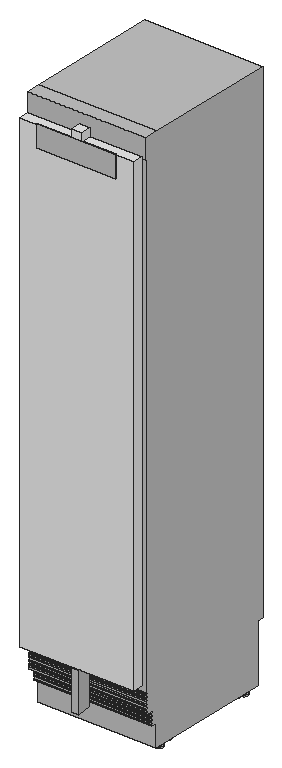
Revit family "FP_Revit_18_RS1884FLJ1_Freezer_90001045A", category Specialty Equipment, Revit 2018
Family settings
  Round Connector Dimension = Use Diameter
  Part Type = Normal
  OmniClass Number = 23.40.40.11.11
  OmniClass Title = Refrigerators and Freezers
  Work Plane-Based = No
  Always vertical = Yes
  Cut with Voids When Loaded = Yes
  Shared = No
  Room Calculation Point = No
Parameters (values of type "RS1884FLJ1")
  Visibility - Water Connection = yes
  Visibility - Visibility Control Note = yes
  Visibility - Clearance Required = yes
  URL = "www.fisherpaykel.com"
  Stainless Steel Door Panels (RD1884L4D) = no
  Product - Width = 451 mm  # constant formula
  Product - Height = 2134 mm  # constant formula
  Product - Depth (exl front panel) = 610 mm  # constant formula
  Model = "RS1884FLJ1"
  Material - Handle = Fisher & Paykel - Aluminium
  Material - Door Structure = Fisher & Paykel - White
  Material - Door Front = Fisher & Paykel - Stainless Steel
  Material - Body = Fisher & Paykel - Grey
  Manufacturer = "Fisher & Paykel Appliances"
  Handle Style - Professional Square (AHV2-RD84) = no
  Handle Style - Professional Round (AHC-RD84) = no
  Handle Style - Contemporary Square (AHD3-RD84) = no
  Handle Style - Contemporary Round (AHS-RD84) = no
  Description = "18\" Integrated Column Freezer with internal ice maker, white interior"
  Connector Description - Water = "1/4\" (6mm) comp. stainless steel braided hose"
  Connector Description - Electrical = "120 V, 10 amp fused electrical supply"
  Cavity - Width = 457 mm  # constant formula
  Cavity - Height = 2134 mm  # constant formula
  Cavity - Depth = 635 mm  # constant formula
Types (3, lengths in mm): name | Model | Description
  (no name) | "RS1884FLJ1" | "18\" Integrated Column Freezer with internal ice maker, white interior"
  RS1884FLJK1 | "RS1884FLJK1" | "18\" Integrated Column Freezer with internal ice maker, stainless steel interior"
  RS1884FLJ1 | "RS1884FLJ1" | "18\" Integrated Column Freezer with internal ice maker, white interior"
Reference planes
  plane 1 "Datum": y = 0
  plane 2: z = 0
  plane 3 "Center (Left/Right)": x = 0
  plane 4 "Product LHS": x = -225.5
  plane 5 "Product RHS": x = 225.5
  plane 6 "Product - Depth": y = 610
  plane 7 "Cavity LHS": x = -228.5
  plane 8 "Cavity RHS": x = 228.5
  plane 9 "Cavity - Depth": y = 612.9
  plane 10 "Handle Offset": x = 162.5
  plane 11 "Product Height": z = 2134
  plane 12 "Cavity Height": z = 2134
  plane 13 "Door Panel Datum": y = -4.1
Forms (mm)
  Extrusion 1, solid, material "Fisher & Paykel - Grey" <- "Material - Body", detail levels fine
    sketch origin (0, 0, 0) x (0, 1, 0) y (0, 0, 1)
      loop
        line (100.1, 19.1) -> (587.9, 19.1) -> (587.9, 239.7) -> (610, 239.7) -> (610, 2131.9) -> (105.1, 2131.9) -> (105.1, 2134) -> (49.9, 2134) -> (49.9, 2059) -> (56, 2059) -> (56, 228.6) -> (59.5, 228.6) -> (59.5, 219.7) -> (56.5, 219.7) -> (56.5, 215.9) -> (59.5, 215.9) -> (59.5, 207) -> (56.5, 207) -> (56.5, 203.2) -> (59.5, 203.2) -> (59.5, 194.3) -> (56.5, 194.3) -> (56.5, 190.5) -> (59.5, 190.5) -> (59.5, 181.6) -> (56.5, 181.6) -> (56.5, 177.8) -> (59.5, 177.8) -> (59.5, 168.9) -> (56.5, 168.9) -> (56.5, 165.1) -> (59.5, 165.1) -> (59.5, 156.2) -> (56.5, 156.2) -> (56.5, 152.4) -> (84.1, 152.4) -> (84.1, 143.5) -> (81.1, 143.5) -> (81.1, 139.7) -> (84.1, 139.7) -> (84.1, 130.8) -> (81.1, 130.8) -> (81.1, 127) -> (84.1, 127) -> (84.1, 118.1) -> (81.1, 118.1) -> (81.1, 114.3) -> (84.1, 114.3) -> (84.1, 105.4) -> (81.1, 105.4) -> (81.1, 101.6) -> (100.1, 101.6) -> (100.1, 19.1)
    from -225.5 to 225.5
  Extrusion 2, solid, material "Fisher & Paykel - Grey" <- "Material - Body"
    sketch origin (0, 0, 0) x (1, 0, 0) y (0, 1, 0)
      loop
        circle (-205, 547.8) r 4.1
      loop
        circle (-205, 141.8) r 4.1
      loop
        circle (205, 547.8) r 4.1
      loop
        circle (205, 141.8) r 4.1
    from 3 to 19.5
  Extrusion 3, solid, material "Fisher & Paykel - Grey" <- "Material - Body"
    sketch origin (0, 0, 0) x (1, 0, 0) y (0, 1, 0)
      loop
        circle (-205, 547.8) r 14.5
      loop
        circle (-205, 141.8) r 14.555
      loop
        circle (205, 547.8) r 14.5
      loop
        circle (205, 141.8) r 14.555
    from 0 to 3
  Extrusion 4, solid, material "Fisher & Paykel - Grey" <- "Material - Body", detail levels fine
    sketch origin (0, 0, 0) x (1, 0, 0) y (0, 1, 0)
      loop
        line (-7.5, 49) -> (-13.797, -4.1) -> (13.797, -4.1) -> (7.5, 49) -> (-7.5, 49)
    from 104.2 to 254.2
  Extrusion 5, solid, material "Fisher & Paykel - Grey" <- "Material - Body", detail levels fine
    sketch origin (0, 0, 0) x (0, 1, 0) y (0, 0, 1)
      loop
        line (0, 2070.6) -> (0, 1988.6) -> (2, 1988.6) -> (2, 2068.6) -> (4, 2068.6) -> (4, 2070.6) -> (0, 2070.6)
    from -150 to 150
  Extrusion 6, solid, material "Fisher & Paykel - Grey" <- "Material - Body"
    sketch origin (0, 0, 0) x (1, 0, 0) y (0, 0, 1)
      loop
        circle (150.5, 119.813) r 5
      loop
        circle (-150.5, 119.813) r 5
    from -590 to -587.9
  Extrusion 7, solid, material "Fisher & Paykel - White" <- "Material - Door Structure"
    sketch origin (0, 0, 0) x (1, 0, 0) y (0, 1, 0)
      loop
        line (-200.5, 56) -> (-200.5, 42) -> (200.5, 42) -> (200.5, 56) -> (-200.5, 56)
    from 269.6 to 2030.7
  Extrusion 8, solid, material "Fisher & Paykel - White" <- "Material - Door Structure"
    sketch origin (0, 0, 0) x (1, 0, 0) y (0, 1, 0)
      loop
        line (-216.9, 42) -> (-216.9, 3) -> (216.9, 3) -> (216.9, 42) -> (-216.9, 42)
    from 254.2 to 2068.6
  Extrusion 9, solid, material "Fisher & Paykel - White" <- "Material - Door Structure", detail levels fine
    sketch origin (0, 0, 0) x (1, 0, 0) y (0, 0, 1)
      loop
        line (-18.92, 2100.1) -> (-18.92, 2068.6) -> (18.92, 2068.6) -> (18.92, 2100.1) -> (-18.92, 2100.1)
    from -42 to -3
  Extrusion 10, solid, material "Fisher & Paykel - Stainless Steel" <- "Material - Door Front", visible <- "Stainless Steel Door Panels (RD1884L4D)"
    sketch origin (0, 0, 0) x (0, 1, 0) y (0, 0, 1)
      loop
        line (-22.1, 2130.8) -> (-22.1, 102) -> (-4.1, 102) -> (-4.1, 2130.8) -> (-22.1, 2130.8)
    from -225.5 to 225.5
  Extrusion 11, solid, material "Fisher & Paykel - Grey" <- "Material - Body", detail levels coarse+medium
    sketch origin (0, 0, 0) x (0, 1, 0) y (0, 0, 1)
      loop
        line (49.9, 2134) -> (49.9, 2059) -> (56, 2059) -> (56, 152.4) -> (81.1, 152.4) -> (81.1, 101.6) -> (100.1, 101.6) -> (100.1, 19.1) -> (587.9, 19.1) -> (587.9, 239.7) -> (610, 239.7) -> (610, 2134) -> (49.9, 2134)
    from -225.5 to 225.5
  Extrusion 12, solid, material "Fisher & Paykel - Grey" <- "Material - Body", not visible, detail levels fine
    sketch origin (0, 0, 0) x (-1, 0, 0) y (0, 0, -1)
      loop
        line (213.9, -187.65) -> (18.92, -187.65) -> (18.92, -229.75) -> (213.9, -229.75) -> (213.9, -187.65)
    from -56 to -2.5
  Extrusion 13, solid, material "Fisher & Paykel - Grey" <- "Material - Body", not visible, detail levels fine
    sketch origin (0, 0, 0) x (-1, 0, 0) y (0, 0, -1)
      loop
        line (213.9, -2123.15) -> (213.9, -2081.05) -> (18.92, -2081.05) -> (18.92, -2123.15) -> (213.9, -2123.15)
    from -49 to -2.5
  Extrusion 14, solid, material "Fisher & Paykel - Grey" <- "Material - Body", detail levels fine
    sketch origin (0, 0, -4) x (0, 1, 0) y (0, 0, 1)
      loop
        arc (163.888, 23.1) -> (180.4, 13.63) -> (196.912, 23.1) r 19.13
        line (196.912, 23.1) -> (163.888, 23.1)
      loop
        arc (493.888, 23.1) -> (510.4, 13.63) -> (526.912, 23.1) r 19.13
        line (526.912, 23.1) -> (493.888, 23.1)
    from 191 to 219
  Extrusion 15, solid, material "Fisher & Paykel - Grey" <- "Material - Body", detail levels fine
    sketch origin (0, 0, -4) x (0, 1, 0) y (0, 0, -1)
      loop
        line (163.888, -23.1) -> (196.912, -23.1)
        arc (196.912, -23.1) -> (180.4, -13.63) -> (163.888, -23.1) r 19.13
      loop
        line (493.888, -23.1) -> (526.912, -23.1)
        arc (526.912, -23.1) -> (510.4, -13.63) -> (493.888, -23.1) r 19.13
    from 191 to 219
  Extrusion 16, solid, material "Fisher & Paykel - Clearance Required", visible <- "Visibility - Clearance Required", detail levels coarse
    sketch origin (0, 0, 0) x (1, 0, 0) y (0, 1, 0)
      loop
        line (-228.5, 612.9) -> (-228.5, -4.1) -> (228.5, -4.1) -> (228.5, 612.9) -> (-228.5, 612.9)
    from 0 to 2134
  Extrusion 17, void
    sketch origin (0, 0, 0) x (1, 0, 0) y (0, 1, 0)
      loop
        line (-228.5, 612.9) -> (-228.5, -22.1) -> (228.5, -22.1) -> (228.5, 612.9) -> (-228.5, 612.9)
    from 0 to 2134
  Extrusion 18, solid, material "Fisher & Paykel - Clearance Required", visible <- "Visibility - Clearance Required", detail levels coarse
    sketch origin (0, 0, 0) x (-1, 0, 0) y (0, -1, 0)
      loop
        arc (225.5, 22.1) -> (228.203, 56.776) -> (262.718, 61.068) r 27.5
        line (262.718, 61.068) -> (415.635, 388.999) -> (441.854, 376.772)
        arc (441.854, 376.772) -> (467.405, 384.437) -> (458.764, 409.674) r 18.51
        line (458.764, 409.674) -> (431.257, 422.501) -> (453.319, 469.813)
        arc (453.319, 469.813) -> (-5.304, 426.707) -> (-225.5, 22.1) r 490
        line (-225.5, 22.1) -> (225.5, 22.1)
    from 0 to 2134
  Extrusion 19, solid, material "Fisher & Paykel - Grey" <- "Material - Body", not visible, detail levels fine
    sketch origin (0, 0, 0) x (-1, 0, 0) y (0, 0, -1)
      loop
        line (41.9, -254.2) -> (206.9, -254.2) -> (206.9, -229.75) -> (41.9, -229.75) -> (41.9, -254.2)
      loop
        line (29.5, -2081.05) -> (166.9, -2081.05) -> (206.9, -2076.05) -> (206.9, -2068.6) -> (29.5, -2068.6) -> (29.5, -2081.05)
    from -7 to -4
Lines and regions (mm)
  model lines, style "Fisher & Paykel"
    curve 1: line (-225.5, -4.1, 2130.8) -> (225.5, -4.1, 2130.8)
    curve 2: line (-225.5, -4.1, 102) -> (-225.5, -4.1, 2130.8)
    curve 3: line (225.5, -4.1, 102) -> (-225.5, -4.1, 102)
    curve 4: line (225.5, -4.1, 2130.8) -> (225.5, -4.1, 102)
Text (mm)
  text "Due to ongoing product development, product details are subject to change without notice. \nPlease always refer to www.fisherpaykel.com for the most current product information. \n© Fisher & Paykel 2020" at (41.04, -588.295, 0), in view "Ref. Level (Plan)"
Dimensions and locks
  equal spacing: plane 4 "Product LHS", plane 3 "Center (Left/Right)", plane 5 "Product RHS"
  "Product - Width": plane 4 "Product LHS" to plane 5 "Product RHS"
  "Product - Depth (exl front panel)": plane 1 "Datum" to plane 6 "Product - Depth"
  equal spacing: plane 7 "Cavity LHS", plane 3 "Center (Left/Right)", plane 8 "Cavity RHS"
  "Cavity - Width": plane 7 "Cavity LHS" to plane 8 "Cavity RHS"
  plane 4 "Product LHS" to Extrusion 2 sketch curve = 24.6 mm
  Extrusion 6 sketch curve to Extrusion 1 = 119.887 mm  (x2)
  Extrusion 6 sketch curve to plane 5 "Product RHS" = 75 mm
  plane 4 "Product LHS" to Extrusion 6 sketch curve = 75 mm
  Extrusion 1 sketch curve to Extrusion 1 sketch curve = 82.5 mm
  Extrusion 1 sketch curve to Extrusion 1 sketch curve = 209.5 mm
  Extrusion 1 sketch curve to Extrusion 1 sketch curve = 220.6 mm
  Extrusion 3 to level = 3 mm
  Extrusion 11 to Extrusion 8 = 235.1 mm
  Extrusion 11 to Extrusion 7 = 250.5 mm
  Extrusion 11 to Extrusion 11 = 2114.9 mm
  "Product - Height": level to plane 11 "Product Height"
  plane 11 "Product Height" to Extrusion 10 = 3.2 mm
  Extrusion 8 to plane 11 "Product Height" = 65.4 mm
  Extrusion 7 to plane 11 "Product Height" = 103.3 mm
  Extrusion 11 sketch curve to plane 11 "Product Height" = 75 mm
  Extrusion 1 sketch curve to plane 11 "Product Height" = 2.1 mm
  Extrusion 1 sketch curve to plane 11 "Product Height" = 75 mm
  "Cavity - Height": plane 12 "Cavity Height" to level
  plane 1 "Datum" to Extrusion 16 = 612.9 mm
  plane 1 "Datum" to Extrusion 17 = 612.9 mm
  plane 4 "Product LHS" to plane 10 "Handle Offset" = 388 mm
  plane 4 "Product LHS" to Extrusion 19 sketch curve = 18.6 mm
  Extrusion 19 sketch curve to plane 4 "Product LHS" = 196 mm
  plane 4 "Product LHS" to Extrusion 19 sketch curve = 58.6 mm
  plane 1 "Datum" to Extrusion 18 = 22.1 mm
  "Cavity - Depth": plane 9 "Cavity - Depth" to Extrusion 18
  plane 10 "Handle Offset" to plane 5 "Product RHS" = 63 mm
  radius of Extrusion 6 sketch curve = 5 mm
  aligned and locked: level to plane 2
  aligned and locked: Extrusion 10 to plane 5 "Product RHS"
  aligned and locked: plane 4 "Product LHS" to Extrusion 10
  aligned and locked: Extrusion 11 to plane 5 "Product RHS"
  aligned and locked: Extrusion 11 to plane 4 "Product LHS"
  aligned and locked: Extrusion 11 sketch curve to plane 11 "Product Height"
  aligned and locked: plane 11 "Product Height" to Extrusion 1 sketch curve
  aligned and locked: Extrusion 14 sketch curve to Extrusion 14 sketch curve
  aligned and locked: Extrusion 15 sketch curve to Extrusion 15 sketch curve
  aligned and locked: Extrusion 1 to plane 5 "Product RHS"
  aligned and locked: plane 4 "Product LHS" to Extrusion 1
  aligned and locked: Extrusion 11 sketch curve to Extrusion 1  (x4)
  aligned and locked: nested 5 to plane 10 "Handle Offset"
  aligned and locked: nested 4 to plane 10 "Handle Offset"
  aligned and locked: nested 3 to plane 10 "Handle Offset"
  aligned and locked: nested 2 to plane 10 "Handle Offset"
Automatic sketch dimensions
  Extrusion 1 sketch curve to plane 6 "Product - Depth" = 0 mm
  Extrusion 1 sketch curve to Extrusion 1 sketch curve = 22.1 mm
  Extrusion 1 sketch curve to plane 1 "Datum" = 105.1 mm
  level to Extrusion 1 sketch curve = 19.1 mm
  Extrusion 1 sketch curve to plane 1 "Datum" = 100.1 mm
  Extrusion 1 sketch curve to Extrusion 1 sketch curve = 16 mm
  Extrusion 1 sketch curve to Extrusion 1 sketch curve = 0 mm  (x8)
  Extrusion 1 sketch curve to Extrusion 1 sketch curve = 3 mm  (x10)
  Extrusion 1 sketch curve to plane 1 "Datum" = 59.5 mm
  Extrusion 1 sketch curve to plane 1 "Datum" = 56 mm
  Extrusion 1 sketch curve to plane 1 "Datum" = 49.9 mm
  Extrusion 1 sketch curve to Extrusion 1 sketch curve = 3.8 mm  (x10)
  Extrusion 1 sketch curve to Extrusion 1 sketch curve = 8.9 mm  (x9)
  Extrusion 2 sketch curve to plane 4 "Product LHS" = 20.5 mm  (x2)
  plane 5 "Product RHS" to Extrusion 2 sketch curve = 20.5 mm  (x2)
  Extrusion 2 sketch curve to plane 1 "Datum" = 141.8 mm  (x2)
  Extrusion 2 sketch curve to plane 6 "Product - Depth" = 62.2 mm  (x2)
  Extrusion 3 sketch curve to plane 4 "Product LHS" = 20.5 mm  (x2)
  plane 5 "Product RHS" to Extrusion 3 sketch curve = 20.5 mm  (x2)
  Extrusion 3 sketch curve to plane 1 "Datum" = 141.8 mm  (x2)
  Extrusion 3 sketch curve to plane 6 "Product - Depth" = 62.2 mm  (x2)
  plane 1 "Datum" to Extrusion 4 sketch curve = 4.1 mm
  Extrusion 4 sketch curve to plane 3 "Center (Left/Right)" = 13.797 mm
  Extrusion 4 sketch curve to plane 3 "Center (Left/Right)" = 7.5 mm
  plane 3 "Center (Left/Right)" to Extrusion 4 sketch curve = 7.5 mm
  plane 3 "Center (Left/Right)" to Extrusion 4 sketch curve = 13.797 mm
  Extrusion 4 sketch curve to plane 1 "Datum" = 49 mm
  Extrusion 5 sketch curve to plane 1 "Datum" = 0 mm
  Extrusion 5 sketch curve to plane 1 "Datum" = 2 mm
  Extrusion 5 sketch curve to Extrusion 5 sketch curve = 2 mm  (x2)
  plane 11 "Product Height" to Extrusion 5 sketch curve = 145.4 mm
  plane 11 "Product Height" to Extrusion 5 sketch curve = 65.4 mm
  Extrusion 7 sketch curve to plane 4 "Product LHS" = 25 mm
  plane 5 "Product RHS" to Extrusion 7 sketch curve = 25 mm
  Extrusion 7 sketch curve to plane 1 "Datum" = 42 mm
  Extrusion 7 sketch curve to Extrusion 7 sketch curve = 14 mm
  Extrusion 8 sketch curve to plane 1 "Datum" = 3 mm
  Extrusion 8 sketch curve to plane 4 "Product LHS" = 8.6 mm
  plane 5 "Product RHS" to Extrusion 8 sketch curve = 8.6 mm
  Extrusion 8 sketch curve to Extrusion 8 sketch curve = 39 mm
  Extrusion 9 sketch curve to plane 3 "Center (Left/Right)" = 18.92 mm
  plane 3 "Center (Left/Right)" to Extrusion 9 sketch curve = 18.92 mm
  plane 11 "Product Height" to Extrusion 9 sketch curve = 65.4 mm
  Extrusion 9 sketch curve to Extrusion 9 sketch curve = 31.5 mm
  plane 1 "Datum" to Extrusion 10 sketch curve = 22.1 mm
  plane 1 "Datum" to Extrusion 10 sketch curve = 4.1 mm
  level to Extrusion 10 sketch curve = 102 mm
  plane 11 "Product Height" to Extrusion 10 sketch curve = 3.2 mm
  Extrusion 11 sketch curve to plane 6 "Product - Depth" = 0 mm
  Extrusion 11 sketch curve to plane 6 "Product - Depth" = 22.1 mm
  Extrusion 11 sketch curve to plane 1 "Datum" = 100.1 mm
  Extrusion 11 sketch curve to Extrusion 11 sketch curve = 19 mm
  Extrusion 11 sketch curve to plane 1 "Datum" = 56 mm
  Extrusion 11 sketch curve to plane 1 "Datum" = 49.9 mm
  plane 3 "Center (Left/Right)" to Extrusion 12 sketch curve = 18.92 mm
  plane 4 "Product LHS" to Extrusion 12 sketch curve = 11.6 mm
  Extrusion 12 sketch curve to level = 187.65 mm
  Extrusion 12 sketch curve to Extrusion 12 sketch curve = 42.1 mm
  plane 3 "Center (Left/Right)" to Extrusion 13 sketch curve = 18.92 mm
  plane 4 "Product LHS" to Extrusion 13 sketch curve = 11.6 mm
  Extrusion 13 sketch curve to plane 11 "Product Height" = 52.95 mm
  Extrusion 13 sketch curve to plane 11 "Product Height" = 10.85 mm
  level to Extrusion 14 sketch curve = 19.1 mm
  Extrusion 14 sketch curve to plane 1 "Datum" = 163.888 mm
  Extrusion 14 sketch curve to Extrusion 14 sketch curve = 16.512 mm  (x2)
  Extrusion 14 sketch curve to plane 6 "Product - Depth" = 116.112 mm
  Extrusion 14 sketch curve to Extrusion 14 sketch curve = 9.66 mm  (x2)
  level to Extrusion 15 sketch curve = 19.1 mm
  Extrusion 15 sketch curve to plane 1 "Datum" = 163.888 mm
  Extrusion 15 sketch curve to Extrusion 15 sketch curve = 16.512 mm  (x2)
  Extrusion 15 sketch curve to plane 6 "Product - Depth" = 116.112 mm
  Extrusion 15 sketch curve to Extrusion 15 sketch curve = 9.66 mm  (x2)
  Extrusion 16 sketch curve to plane 7 "Cavity LHS" = 0 mm
  Extrusion 16 sketch curve to plane 8 "Cavity RHS" = 0 mm
  Extrusion 16 sketch curve to plane 9 "Cavity - Depth" = 0 mm
  plane 1 "Datum" to Extrusion 16 sketch curve = 4.1 mm
  Extrusion 17 sketch curve to plane 7 "Cavity LHS" = 0 mm
  Extrusion 17 sketch curve to plane 8 "Cavity RHS" = 0 mm
  plane 9 "Cavity - Depth" to Extrusion 17 sketch curve = 0 mm
  plane 1 "Datum" to Extrusion 17 sketch curve = 22.1 mm
  Extrusion 18 sketch curve to plane 5 "Product RHS" = 0 mm
  plane 4 "Product LHS" to Extrusion 18 sketch curve = 0 mm
  Extrusion 18 sketch curve to plane 7 "Cavity LHS" = 19.59 mm
  Extrusion 18 sketch curve to Extrusion 18 sketch curve = 14.629 mm
  Extrusion 18 sketch curve to plane 1 "Datum" = 17.663 mm
  Extrusion 18 sketch curve to Extrusion 18 sketch curve = 16.39 mm
  Extrusion 18 sketch curve to plane 7 "Cavity LHS" = 187.135 mm
  Extrusion 18 sketch curve to Extrusion 18 sketch curve = 15.622 mm
  Extrusion 18 sketch curve to Extrusion 18 sketch curve = 26.219 mm
  Extrusion 18 sketch curve to Extrusion 18 sketch curve = 9.088 mm
  Extrusion 18 sketch curve to Extrusion 18 sketch curve = 22.062 mm
  Extrusion 18 sketch curve to Extrusion 18 sketch curve = 7.823 mm
  Extrusion 18 sketch curve to plane 1 "Datum" = 22.1 mm
  Extrusion 18 sketch curve to Extrusion 18 sketch curve = 20.12 mm
  Extrusion 18 sketch curve to Extrusion 18 sketch curve = 93.041 mm
  Extrusion 18 sketch curve to Extrusion 18 sketch curve = 16.126 mm
  plane 3 "Center (Left/Right)" to Extrusion 19 sketch curve = 41.9 mm
  plane 4 "Product LHS" to Extrusion 19 sketch curve = 18.6 mm
  Extrusion 19 sketch curve to level = 229.75 mm
  Extrusion 19 sketch curve to Extrusion 19 sketch curve = 24.45 mm
  Extrusion 19 sketch curve to plane 11 "Product Height" = 65.4 mm
  Extrusion 19 sketch curve to Extrusion 19 sketch curve = 7.45 mm
  Extrusion 19 sketch curve to Extrusion 19 sketch curve = 5 mm
  plane 5 "Product RHS" to curve 1 = 0 mm
  plane 4 "Product LHS" to curve 3 = 0 mm
  level to curve 3 = 102 mm
  plane 11 "Product Height" to curve 2 = 3.2 mm
  radius of Extrusion 2 sketch curve = 4.1 mm  (x3)
  radius of Extrusion 3 sketch curve = 14.5 mm  (x2)
  radius of Extrusion 3 sketch curve = 14.555 mm  (x2)
  radius of Extrusion 6 sketch curve = 5 mm
Nested families
  nested 1: "Visibility Control Note 18" at (0, 0, 0), visible <- "Visibility - Visibility Control Note", type "Visibility Control Note 18"
  nested 2: "Handle Contemporary Round - Vertical" at (162.5, -22.1, 1242.58), visible <- "Handle Style - Contemporary Round (AHS-RD84)", type "AHS-RD84 - Contemporary round handle (Vertical) 852mm"
  nested 3: "Handle Professional Round - Vertical" at (162.5, -22.1, 1242.58), visible <- "Handle Style - Professional Round (AHC-RD84)", type "AHC-RD84 - Professional round handle (Vertical) 786mm"
  nested 4: "Handle Professional Square - Vertical" at (162.5, -22.1, 1242.58), visible <- "Handle Style - Professional Square (AHV2-RD84)", type "AHV2-RD84 - Professional square handle (Vertical) 792mm"
  nested 5: "Handle Contemporary Square - Vertical" at (162.5, -22.1, 1242.58), visible <- "Handle Style - Contemporary Square (AHD3-RD84)", type "AHD3-RD84 - Contemporary square handle (Vertical) 852mm"
Connectors
  electrical at (-150.5, 590, 119.813), driven by "Connector Description - Electrical"
    settings: on Extrusion 6, index 1, voltage 120 V, apparent load 0 VA, apparent load phase1 0 VA, apparent load phase2 0 VA, apparent load phase3 0 VA, power factor 1, load classification "Other", number of poles 1, system type 30, power factor state 1, is connector primary yes, connector utility no, sub classification motor no, connector description "120 V, 10 amp fused electrical supply"
  piping at (150.5, 590, 119.813), diameter 12.7, driven by "Connector Description - Water", driven by "Visibility - Water Connection"
    settings: on Extrusion 6, index 2, connector inside diameter 609.6 mm, connector length 0 mm, flow factor 0, pipe flow 0.0 L/s, pressure drop 0.0 Pa, fitting loss kfactor 0, connector angle 0.00°, fixture units 0, engagement length 0 mm, angle of deflection 0.00°, flow configuration 0, flow direction 1, fitting loss method 0, system type 20, joint type 0, gender type 0, connector reference index -1, connector utility 1, adjustable connector no, is connector primary yes, connector description "1/4\" (6mm) comp. stainless steel braided hose"
Definition of nested family "Handle Contemporary Round - Vertical"
  Parameters (values of type "AHSRS80A - Contemporary round handle (1 of 2) (Vertical) 727mm")
    URL = "www.fisherpaykel.com"
    Material - Handle = none
    Manufacturer = "Fisher & Paykel Appliances"
    Handle - Length = 727 mm
  Types (6, lengths in mm): name | Handle - Length
    AHS-RD21 - Contemporary round handle (Vertical) 852mm | 852
    AHSRD2484W - Contemporary round handle (1 of 2) (Vertical) 727mm | 727
    AHSRD3084W - Contemporary round handle (1 of 2) (Vertical) 727mm | 727
    AHS-RD84 - Contemporary round handle (Vertical) 852mm | 852
    AHSRS3272A - Contemporary round handle (1 of 2) (Vertical) 727mm | 727
    AHSRS80A - Contemporary round handle (1 of 2) (Vertical) 727mm | 727
  Reference planes
    plane 1 "Center (Front/Back)": y = 0
    plane 2: z = 0
    plane 3 "Center (Left/Right)": x = 0
    plane 4 "Top": z = 363.5
    plane 5 "Bottom": z = -363.5
    plane 6 "Top Standoff": z = 243.5
    plane 7 "Bottom Standoff": z = -243.5
  Forms (mm)
    Extrusion 1, solid, material <- "Material - Handle"
      sketch origin (0, 0, 0) x (1, 0, 0) y (0, 1, 0)
        loop
          circle (0, -32.3) r 8.7
      from -243.5 to 243.5
    Extrusion 2, solid, material <- "Material - Handle", detail levels fine
      sketch origin (0, 0, 0) x (1, 0, 0) y (0, 1, 0)
        loop
          line (-8.7, 0) -> (-8.7, -32.3)
          arc (-8.7, -32.3) -> (0, -41) -> (8.7, -32.3) r 8.7
          line (8.7, -32.3) -> (8.7, 0) -> (-8.7, 0)
      from 243.5 to 363.5
    Extrusion 3, solid, material <- "Material - Handle", detail levels fine
      sketch origin (0, 0, 0) x (1, 0, 0) y (0, 1, 0)
        loop
          line (-8.7, 0) -> (-8.7, -32.3)
          arc (-8.7, -32.3) -> (0, -41) -> (8.7, -32.3) r 8.7
          line (8.7, -32.3) -> (8.7, 0) -> (-8.7, 0)
      from -363.5 to -243.5
    Sweep 4, void
      path in 3D
        loop
          line (8.7, 0, -363.5) -> (8.7, -32.3, -363.5)
          arc (8.7, -32.3, -363.5) -> (0, -41, -363.5) -> (-8.7, -32.3, -363.5) r 8.7
          line (-8.7, -32.3, -363.5) -> (-8.7, 0, -363.5)
      profile origin (8.7, -16.15, -363.5) x (-1, 0, 0) y (0, 0, -1)
        loop
          line (0, 0) -> (0, -1) -> (1, 0) -> (0, 0)
    Sweep 5, void
      path in 3D
        loop
          line (-8.7, 0, 363.5) -> (-8.7, -32.3, 363.5)
          arc (-8.7, -32.3, 363.5) -> (0, -41, 363.5) -> (8.7, -32.3, 363.5) r 8.7
          line (8.7, -32.3, 363.5) -> (8.7, 0, 363.5)
      profile origin (8.7, -16.15, 363.5) x (-1, 0, 0) y (0, 0, 1)
        loop
          line (0, 0) -> (0, -1) -> (1, 0) -> (0, 0)
    Extrusion 6, solid, material <- "Material - Handle", detail levels coarse+medium
      sketch origin (0, 0, 0) x (1, 0, 0) y (0, 1, 0)
        loop
          line (-8.7, 0) -> (-8.7, -32.3)
          arc (-8.7, -32.3) -> (0, -41) -> (8.7, -32.3) r 8.7
          line (8.7, -32.3) -> (8.7, 0) -> (-8.7, 0)
      from 243.5 to 363.5
    Extrusion 7, solid, material <- "Material - Handle", detail levels coarse+medium
      sketch origin (0, 0, 0) x (1, 0, 0) y (0, 1, 0)
        loop
          line (-8.7, 0) -> (-8.7, -32.3)
          arc (-8.7, -32.3) -> (0, -41) -> (8.7, -32.3) r 8.7
          line (8.7, -32.3) -> (8.7, 0) -> (-8.7, 0)
      from -363.5 to -243.5
  Cuts and joins
    Sweep 4 cuts Extrusion 3
    Sweep 5 cuts Extrusion 2
  Lines and regions (mm)
    sketch lines
      curve 1: line (8.7, 0, -363.5) -> (8.7, -32.3, -363.5)
      curve 2: arc (-8.7, -32.3, -363.5) -> (0, -41, -363.5) -> (8.7, -32.3, -363.5) r 8.7
      curve 3: line (-8.7, -32.3, -363.5) -> (-8.7, 0, -363.5)
      curve 4: line (8.7, -32.3, 363.5) -> (8.7, 0, 363.5)
      curve 5: arc (8.7, -32.3, 363.5) -> (0, -41, 363.5) -> (-8.7, -32.3, 363.5) r 8.7
      curve 6: line (-8.7, 0, 363.5) -> (-8.7, -32.3, 363.5)
  Dimensions and locks
    equal spacing: plane 4 "Top", level, plane 5 "Bottom"
    "Handle - Length": plane 4 "Top" to plane 5 "Bottom"
    locked: plane 4 "Top" to plane 6 "Top Standoff" at 120
    locked: plane 7 "Bottom Standoff" to plane 5 "Bottom" at 120
    Extrusion 2 sketch curve to Extrusion 2 sketch curve = 17.4 mm
    Extrusion 3 sketch curve to Extrusion 3 sketch curve = 17.4 mm
    Extrusion 6 sketch curve to Extrusion 6 sketch curve = 17.4 mm
    Extrusion 7 sketch curve to Extrusion 7 sketch curve = 17.4 mm
    aligned and locked: level to plane 2
    aligned and locked: plane 4 "Top" to Extrusion 2
    aligned and locked: Extrusion 3 to plane 5 "Bottom"
    aligned and locked: plane 7 "Bottom Standoff" to Extrusion 3
    aligned and locked: Extrusion 1 to plane 7 "Bottom Standoff"
    aligned and locked: plane 6 "Top Standoff" to Extrusion 1
    aligned and locked: Extrusion 2 to Extrusion 1
    aligned and locked: Extrusion 6 to Extrusion 1
    aligned and locked: plane 4 "Top" to Extrusion 6
    aligned and locked: Extrusion 7 to Extrusion 1
    aligned and locked: Extrusion 7 to plane 5 "Bottom"
  Automatic sketch dimensions
    Extrusion 1 sketch curve to plane 3 "Center (Left/Right)" = 0 mm
    plane 1 "Center (Front/Back)" to Extrusion 1 sketch curve = 32.3 mm
    plane 1 "Center (Front/Back)" to Extrusion 2 sketch curve = 0 mm
    Extrusion 2 sketch curve to plane 3 "Center (Left/Right)" = 0 mm
    Extrusion 2 sketch curve to plane 3 "Center (Left/Right)" = 8.7 mm
    plane 1 "Center (Front/Back)" to Extrusion 2 sketch curve = 32.3 mm
    plane 1 "Center (Front/Back)" to Extrusion 3 sketch curve = 0 mm
    Extrusion 3 sketch curve to plane 3 "Center (Left/Right)" = 0 mm
    Extrusion 3 sketch curve to plane 3 "Center (Left/Right)" = 8.7 mm
    plane 1 "Center (Front/Back)" to Extrusion 3 sketch curve = 32.3 mm
    Sweep 4 sketch curve to profile plane = 0 mm  (x2)
    Sweep 4 sketch curve to profile plane = 1 mm  (x2)
    Sweep 5 sketch curve to profile plane = 0 mm  (x2)
    Sweep 5 sketch curve to profile plane = 1 mm  (x2)
    Extrusion 6 sketch curve to plane 3 "Center (Left/Right)" = 0 mm
    Extrusion 6 sketch curve to plane 3 "Center (Left/Right)" = 8.7 mm
    plane 1 "Center (Front/Back)" to Extrusion 6 sketch curve = 32.3 mm
    Extrusion 6 sketch curve to Extrusion 6 sketch curve = 32.3 mm
    Extrusion 7 sketch curve to plane 3 "Center (Left/Right)" = 0 mm
    Extrusion 7 sketch curve to plane 3 "Center (Left/Right)" = 8.7 mm
    plane 1 "Center (Front/Back)" to Extrusion 7 sketch curve = 32.3 mm
    Extrusion 7 sketch curve to Extrusion 7 sketch curve = 32.3 mm
    radius of Extrusion 1 sketch curve = 8.7 mm
Definition of nested family "Handle Professional Round - Vertical"
  Parameters (values of type "AHCRD2484W - Professional round handle (1 of 2) (Vertical) 661mm")
    URL = "www.fisherpaykel.com"
    Material - Standoff = none
    Material - Handle = none
    Manufacturer = "Fisher & Paykel Appliances"
    Handle - Length = 661 mm
  Types (5, lengths in mm): name | Handle - Length
    (no name) | 661
    AHCRD2484W - Professional round handle (1 of 2) (Vertical) 661mm | 661
    AHCRD3084W - Professional round handle (1 of 2) (Vertical) 661mm | 661
    AHC-RD84 - Professional round handle (Vertical) 786mm | 786
    AHCRS3272A - Professional round handle (1 of 2) (Vertical) 661mm | 661
  Reference planes
    plane 1 "Center (Front/Back)": y = 0
    plane 2: z = 0
    plane 3 "Center (Left/Right)": x = 0
    plane 4 "Top": z = 330.5
    plane 5 "Bottom": z = -330.5
    plane 6 "Top Standoff": z = 286.5
    plane 7 "Bottom Standoff": z = -286.5
  Forms (mm)
    Extrusion 1, solid, material <- "Material - Standoff", detail levels fine
      sketch origin (0, 0, 0) x (1, 0, 0) y (0, 1, 0)
        loop
          line (-18.5, 0) -> (-18.5, -39.4)
          arc (-18.5, -39.4) -> (0, -57.9) -> (18.5, -39.4) r 18.5
          line (18.5, -39.4) -> (18.5, 0) -> (-18.5, 0)
      from 286.5 to 330.5
    Extrusion 2, solid, material <- "Material - Standoff", detail levels fine
      sketch origin (0, 0, 0) x (1, 0, 0) y (0, 1, 0)
        loop
          line (-18.5, 0) -> (-18.5, -39.4)
          arc (-18.5, -39.4) -> (0, -57.9) -> (18.5, -39.4) r 18.5
          line (18.5, -39.4) -> (18.5, 0) -> (-18.5, 0)
      from -330.5 to -286.5
    Extrusion 3, solid, material <- "Material - Handle"
      sketch origin (0, 0, 0) x (1, 0, 0) y (0, 1, 0)
        loop
          circle (0, -39.4) r 12.7
      from -286.5 to 286.5
    Sweep 4, void
      path in 3D
        loop
          line (-18.5, 0, 330.5) -> (-18.5, -39.4, 330.5)
          arc (-18.5, -39.4, 330.5) -> (0, -57.9, 330.5) -> (18.5, -39.4, 330.5) r 18.5
          line (18.5, -39.4, 330.5) -> (18.5, 0, 330.5)
      profile origin (18.5, -19.7, 330.5) x (-1, 0, 0) y (0, 0, 1)
        loop
          line (0, 0) -> (0, -3) -> (3, 0) -> (0, 0)
    Sweep 5, void
      path in 3D
        loop
          line (18.5, 0, -330.5) -> (18.5, -39.4, -330.5)
          arc (18.5, -39.4, -330.5) -> (0, -57.9, -330.5) -> (-18.5, -39.4, -330.5) r 18.5
          line (-18.5, -39.4, -330.5) -> (-18.5, 0, -330.5)
      profile origin (18.5, -19.7, -330.5) x (-1, 0, 0) y (0, 0, -1)
        loop
          line (0, 0) -> (0, -3) -> (3, 0) -> (0, 0)
    Extrusion 6, solid, material <- "Material - Standoff", detail levels coarse+medium
      sketch origin (0, 0, 0) x (1, 0, 0) y (0, 1, 0)
        loop
          line (-18.5, 0) -> (-18.5, -39.4)
          arc (-18.5, -39.4) -> (0, -57.9) -> (18.5, -39.4) r 18.5
          line (18.5, -39.4) -> (18.5, 0) -> (-18.5, 0)
      from 286.5 to 330.5
    Extrusion 7, solid, material <- "Material - Standoff", detail levels coarse+medium
      sketch origin (0, 0, 0) x (1, 0, 0) y (0, 1, 0)
        loop
          line (-18.5, 0) -> (-18.5, -39.4)
          arc (-18.5, -39.4) -> (0, -57.9) -> (18.5, -39.4) r 18.5
          line (18.5, -39.4) -> (18.5, 0) -> (-18.5, 0)
      from -330.5 to -286.5
  Cuts and joins
    Sweep 4 cuts Extrusion 1
    Sweep 5 cuts Extrusion 2
  Lines and regions (mm)
    sketch lines
      curve 1: line (18.5, -39.4, 330.5) -> (18.5, 0, 330.5)
      curve 2: arc (18.5, -39.4, 330.5) -> (0, -57.9, 330.5) -> (-18.5, -39.4, 330.5) r 18.5
      curve 3: line (-18.5, 0, 330.5) -> (-18.5, -39.4, 330.5)
      curve 4: line (18.5, 0, -330.5) -> (18.5, -39.4, -330.5)
      curve 5: arc (-18.5, -39.4, -330.5) -> (0, -57.9, -330.5) -> (18.5, -39.4, -330.5) r 18.5
      curve 6: line (-18.5, -39.4, -330.5) -> (-18.5, 0, -330.5)
  Dimensions and locks
    equal spacing: plane 4 "Top", level, plane 5 "Bottom"
    "Handle - Length": plane 4 "Top" to plane 5 "Bottom"
    plane 4 "Top" to plane 6 "Top Standoff" = 44 mm
    plane 7 "Bottom Standoff" to plane 5 "Bottom" = 44 mm
    aligned and locked: level to plane 2
    aligned and locked: plane 4 "Top" to Extrusion 1
    aligned and locked: Extrusion 1 to plane 6 "Top Standoff"
    aligned and locked: Extrusion 2 to plane 5 "Bottom"
    aligned and locked: plane 7 "Bottom Standoff" to Extrusion 2
    aligned and locked: plane 6 "Top Standoff" to Extrusion 3
    aligned and locked: Extrusion 3 to plane 7 "Bottom Standoff"
    aligned and locked: plane 4 "Top" to Extrusion 6
    aligned and locked: Extrusion 7 to plane 5 "Bottom"
    aligned and locked: plane 7 "Bottom Standoff" to Extrusion 7
    aligned and locked: Extrusion 6 to plane 6 "Top Standoff"
  Automatic sketch dimensions
    plane 1 "Center (Front/Back)" to Extrusion 1 sketch curve = 0 mm
    Extrusion 1 sketch curve to plane 3 "Center (Left/Right)" = 0 mm
    Extrusion 1 sketch curve to plane 3 "Center (Left/Right)" = 18.5 mm
    plane 1 "Center (Front/Back)" to Extrusion 1 sketch curve = 39.4 mm
    plane 1 "Center (Front/Back)" to Extrusion 2 sketch curve = 0 mm
    Extrusion 2 sketch curve to plane 3 "Center (Left/Right)" = 0 mm
    Extrusion 2 sketch curve to plane 3 "Center (Left/Right)" = 18.5 mm
    plane 1 "Center (Front/Back)" to Extrusion 2 sketch curve = 39.4 mm
    Extrusion 3 sketch curve to plane 3 "Center (Left/Right)" = 0 mm
    plane 1 "Center (Front/Back)" to Extrusion 3 sketch curve = 39.4 mm
    Sweep 4 sketch curve to profile plane = 0 mm  (x2)
    Sweep 4 sketch curve to profile plane = 3 mm  (x2)
    Sweep 5 sketch curve to profile plane = 0 mm  (x2)
    Sweep 5 sketch curve to profile plane = 3 mm  (x2)
    Extrusion 6 sketch curve to plane 3 "Center (Left/Right)" = 0 mm
    Extrusion 6 sketch curve to plane 3 "Center (Left/Right)" = 18.5 mm
    plane 1 "Center (Front/Back)" to Extrusion 6 sketch curve = 39.4 mm
    Extrusion 6 sketch curve to Extrusion 6 sketch curve = 39.4 mm
    Extrusion 7 sketch curve to plane 3 "Center (Left/Right)" = 0 mm
    Extrusion 7 sketch curve to plane 3 "Center (Left/Right)" = 18.5 mm
    plane 1 "Center (Front/Back)" to Extrusion 7 sketch curve = 39.4 mm
    Extrusion 7 sketch curve to Extrusion 7 sketch curve = 39.4 mm
    radius of Extrusion 3 sketch curve = 12.7 mm
Definition of nested family "Handle Professional Square - Vertical"
  Parameters (values of type "AHV2RS3272A - Professional square handle (1 of 2) (Vertical) 727mm")
    URL = "www.fisherpaykel.com"
    Material - Handle = none
    Manufacturer = "Fisher & Paykel Appliances"
    Handle - Length = 727 mm
  Types (5, lengths in mm): name | Handle - Length
    (no name) | 727
    AHV2RD2484W - Professional square handle (1 of 2) (Vertical) 727mm | 727
    AHV2RD3084W - Professional square handle (1 of 2) (Vertical) 727mm | 727
    AHV2-RD84 - Professional square handle (Vertical) 792mm | 792
    AHV2RS3272A - Professional square handle (1 of 2) (Vertical) 727mm | 727
  Reference planes
    plane 1 "Center (Front/Back)": y = 0
    plane 2: z = 0
    plane 3 "Center (Left/Right)": x = 0
    plane 4 "Top": z = 363.5
    plane 5 "Bottom": z = -363.5
    plane 6 "Top Standoff": z = 313.5
    plane 7 "Bottom Standoff": z = -313.5
  Forms (mm)
    Extrusion 1, solid, material <- "Material - Handle", detail levels fine
      sketch origin (0, 0, 0) x (0, 1, 0) y (0, 0, 1)
        loop
          line (0, 363.5) -> (-40, 363.5)
          arc (-40, 363.5) -> (-47.071, 360.571) -> (-50, 353.5) r 10
          line (-50, 353.5) -> (-50, 313.5) -> (0, 313.5) -> (0, 363.5)
        loop
          line (0, -363.5) -> (0, -313.5) -> (-50, -313.5) -> (-50, -353.5)
          arc (-50, -353.5) -> (-47.071, -360.571) -> (-40, -363.5) r 10
          line (-40, -363.5) -> (0, -363.5)
      from -17.5 to 17.5
    Sweep 2, void
      path in 3D
        loop
          line (17.5, 0, 363.5) -> (17.5, -40, 363.5)
          arc (17.5, -40, 363.5) -> (17.5, -47.071, 360.571) -> (17.5, -50, 353.5) r 10
          line (17.5, -50, 353.5) -> (17.5, -50, 313.5)
      profile origin (17.5, -20, 363.5) x (1, 0, 0) y (0, 0, 1)
        loop
          line (0, 0) -> (-2.5, 0) -> (0, -2.5) -> (0, 0)
    Sweep 3, void
      path in 3D
        loop
          line (-17.5, -50, 313.5) -> (-17.5, -50, 353.5)
          arc (-17.5, -50, 353.5) -> (-17.5, -47.071, 360.571) -> (-17.5, -40, 363.5) r 10
          line (-17.5, -40, 363.5) -> (-17.5, 0, 363.5)
      profile origin (-17.5, -20, 363.5) x (-1, 0, 0) y (0, 0, 1)
        loop
          line (0, 0) -> (-2.5, 0) -> (0, -2.5) -> (0, 0)
    Sweep 4, void
      path in 3D
        loop
          line (17.5, -50, -313.5) -> (17.5, -50, -353.5)
          arc (17.5, -50, -353.5) -> (17.5, -47.071, -360.571) -> (17.5, -40, -363.5) r 10
          line (17.5, -40, -363.5) -> (17.5, 0, -363.5)
      profile origin (17.5, -20, -363.5) x (1, 0, 0) y (0, 0, -1)
        loop
          line (0, 0) -> (-2.5, 0) -> (0, -2.5) -> (0, 0)
    Sweep 5, void
      path in 3D
        loop
          line (-17.5, 0, -363.5) -> (-17.5, -40, -363.5)
          arc (-17.5, -40, -363.5) -> (-17.5, -47.071, -360.571) -> (-17.5, -50, -353.5) r 10
          line (-17.5, -50, -353.5) -> (-17.5, -50, -313.5)
      profile origin (-17.5, -20, -363.5) x (-1, 0, 0) y (0, 0, -1)
        loop
          line (0, 0) -> (-2.5, 0) -> (0, -2.5) -> (0, 0)
    Extrusion 6, solid, material <- "Material - Handle", detail levels fine
      sketch origin (0, 0, 0) x (1, 0, 0) y (0, 1, 0)
        loop
          line (-15.5, -36.737) -> (-15.5, -46.422) -> (-14.172, -47.75) -> (14.172, -47.75) -> (15.5, -46.422) -> (15.5, -36.737)
          arc (15.5, -36.737) -> (0, -32.25) -> (-15.5, -36.737) r 29.013
      from -313.5 to 313.5
    Extrusion 7, solid, material <- "Material - Handle", detail levels coarse+medium
      sketch origin (0, 0, 0) x (0, 1, 0) y (0, 0, 1)
        loop
          line (0, 363.5) -> (-40, 363.5)
          arc (-40, 363.5) -> (-47.071, 360.571) -> (-50, 353.5) r 10
          line (-50, 353.5) -> (-50, -353.5)
          arc (-50, -353.5) -> (-47.071, -360.571) -> (-40, -363.5) r 10
          line (-40, -363.5) -> (0, -363.5) -> (0, -313.5) -> (-31.95, -313.5) -> (-31.95, 313.5) -> (0, 313.5) -> (0, 363.5)
      from -17.5 to 17.5
  Cuts and joins
    Sweep 2, Sweep 3, Sweep 4, Sweep 5 cuts Extrusion 1
  Lines and regions (mm)
    sketch lines
      curve 1: line (17.5, 0, 363.5) -> (17.5, -40, 363.5)
      curve 2: arc (17.5, -50, 353.5) -> (17.5, -47.071, 360.571) -> (17.5, -40, 363.5) r 10
      curve 3: line (17.5, -50, 353.5) -> (17.5, -50, 313.5)
      curve 4: line (-17.5, -40, 363.5) -> (-17.5, 0, 363.5)
      curve 5: arc (-17.5, -40, 363.5) -> (-17.5, -47.071, 360.571) -> (-17.5, -50, 353.5) r 10
      curve 6: line (-17.5, -50, 313.5) -> (-17.5, -50, 353.5)
      curve 7: line (17.5, -40, -363.5) -> (17.5, 0, -363.5)
      curve 8: arc (17.5, -40, -363.5) -> (17.5, -47.071, -360.571) -> (17.5, -50, -353.5) r 10
      curve 9: line (17.5, -50, -313.5) -> (17.5, -50, -353.5)
      curve 10: line (-17.5, 0, -363.5) -> (-17.5, -40, -363.5)
      curve 11: arc (-17.5, -50, -353.5) -> (-17.5, -47.071, -360.571) -> (-17.5, -40, -363.5) r 10
      curve 12: line (-17.5, -50, -353.5) -> (-17.5, -50, -313.5)
  Dimensions and locks
    equal spacing: plane 4 "Top", level, plane 5 "Bottom"
    "Handle - Length": plane 4 "Top" to plane 5 "Bottom"
    plane 7 "Bottom Standoff" to plane 5 "Bottom" = 50 mm
    plane 4 "Top" to plane 6 "Top Standoff" = 50 mm
    aligned and locked: level to plane 2
    aligned and locked: plane 4 "Top" to Extrusion 1 sketch curve
    aligned and locked: plane 5 "Bottom" to Extrusion 1 sketch curve
    aligned and locked: Extrusion 1 sketch curve to plane 1 "Center (Front/Back)"
    aligned and locked: plane 1 "Center (Front/Back)" to Extrusion 1 sketch curve
    aligned and locked: plane 6 "Top Standoff" to Extrusion 1 sketch curve
    aligned and locked: plane 7 "Bottom Standoff" to Extrusion 1 sketch curve
    aligned and locked: plane 6 "Top Standoff" to Extrusion 6
    aligned and locked: Extrusion 6 to plane 7 "Bottom Standoff"
    aligned and locked: plane 4 "Top" to Extrusion 7 sketch curve
    aligned and locked: plane 6 "Top Standoff" to Extrusion 7 sketch curve
    aligned and locked: plane 1 "Center (Front/Back)" to Extrusion 7 sketch curve
    aligned and locked: plane 7 "Bottom Standoff" to Extrusion 7 sketch curve
    aligned and locked: plane 5 "Bottom" to Extrusion 7 sketch curve
    aligned and locked: Extrusion 7 sketch curve to plane 1 "Center (Front/Back)"
  Automatic sketch dimensions
    Sweep 2 sketch curve to profile plane = 0 mm
    profile plane to Sweep 2 sketch curve = 0 mm
    profile plane to Sweep 2 sketch curve = 2.5 mm
    Sweep 2 sketch curve to profile plane = 2.5 mm
    Sweep 3 sketch curve to profile plane = 0 mm  (x2)
    profile plane to Sweep 3 sketch curve = 2.5 mm
    Sweep 3 sketch curve to profile plane = 2.5 mm
    Sweep 4 sketch curve to profile plane = 0 mm
    profile plane to Sweep 4 sketch curve = 0 mm
    profile plane to Sweep 4 sketch curve = 2.5 mm
    Sweep 4 sketch curve to profile plane = 2.5 mm
    Sweep 5 sketch curve to profile plane = 0 mm  (x2)
    profile plane to Sweep 5 sketch curve = 2.5 mm
    Sweep 5 sketch curve to profile plane = 2.5 mm
    plane 1 "Center (Front/Back)" to Extrusion 1 sketch curve = 40 mm  (x2)
    Extrusion 1 sketch curve to Extrusion 1 sketch curve = 10 mm  (x2)
    Extrusion 6 sketch curve to plane 3 "Center (Left/Right)" = 0 mm
    Extrusion 6 sketch curve to Extrusion 6 sketch curve = 1.328 mm  (x4)
    plane 1 "Center (Front/Back)" to Extrusion 6 sketch curve = 61.263 mm
    Extrusion 6 sketch curve to Extrusion 6 sketch curve = 13.513 mm
    Extrusion 6 sketch curve to Extrusion 6 sketch curve = 9.684 mm  (x2)
    Extrusion 6 sketch curve to plane 3 "Center (Left/Right)" = 14.172 mm
    plane 1 "Center (Front/Back)" to Extrusion 7 sketch curve = 31.95 mm
    plane 1 "Center (Front/Back)" to Extrusion 7 sketch curve = 40 mm  (x2)
    Extrusion 7 sketch curve to plane 4 "Top" = 10 mm
Definition of nested family "Handle Contemporary Square - Vertical"
  Parameters (values of type "AHD3RS80A - Contemporary square handle (1 of 2) (Vertical) 727mm")
    URL = "www.fisherpaykel.com"
    Material - Handle = none
    Manufacturer = "Fisher & Paykel Appliances"
    Handle - Length = 727 mm
  Types (7, lengths in mm): name | Handle - Length
    (no name) | 727
    AHD3-RD21 - Contemporary square handle (Vertical) 852mm | 852
    AHD3RD2484W - Contemporary square handle (1 of 2) (Vertical) 727mm | 727
    AHD3RD3084W - Contemporary square handle (1 of 2) (Vertical) 727mm | 727
    AHD3-RD84 - Contemporary square handle (Vertical) 852mm | 852
    AHD3RS3272A - Contemporary square handle (1 of 2) (Vertical) 727mm | 727
    AHD3RS80A - Contemporary square handle (1 of 2) (Vertical) 727mm | 727
  Reference planes
    plane 1 "Center (Front/Back)": y = 0
    plane 2: z = 0
    plane 3 "Center (Left/Right)": x = 0
    plane 4 "Top": z = 363.5
    plane 5 "Bottom": z = -363.5
    plane 6 "Top Standoff": z = 243.5
    plane 7 "Bottom Standoff": z = -243.5
  Forms (mm)
    Extrusion 1, solid, material <- "Material - Handle", detail levels fine
      sketch origin (0, 0, 0) x (1, 0, 0) y (0, 1, 0)
        loop
          arc (-7.583, -28.701) -> (-7.89, -29.057) -> (-8, -29.514) r 1
          line (-8, -29.514) -> (-8, -40.5)
          arc (-8, -40.5) -> (-7.561, -41.561) -> (-6.5, -42) r 1.5
          line (-6.5, -42) -> (6.5, -42)
          arc (6.5, -42) -> (7.561, -41.561) -> (8, -40.5) r 1.5
          line (8, -40.5) -> (8, -29.487)
          arc (8, -29.487) -> (7.889, -29.029) -> (7.58, -28.673) r 1
          arc (7.58, -28.673) -> (-0.006, -26.256) -> (-7.583, -28.701) r 13.038
      from -363.5 to 363.5
    Extrusion 2, solid, material <- "Material - Handle", detail levels fine
      sketch origin (0, 0, 0) x (1, 0, 0) y (0, 1, 0)
        loop
          arc (7.058, -28.23) -> (7.466, -28.244) -> (7.674, -27.893) r 0.4
          line (7.674, -27.893) -> (7.674, 0) -> (-7.674, 0) -> (-7.674, -27.86)
          arc (-7.674, -27.86) -> (-7.467, -28.21) -> (-7.06, -28.198) r 0.4
          arc (-7.06, -28.198) -> (0.004, -26.156) -> (7.058, -28.23) r 13.136
      from 243.5 to 363.5
    Extrusion 3, solid, material <- "Material - Handle", detail levels fine
      sketch origin (0, 0, 0) x (1, 0, 0) y (0, 1, 0)
        loop
          arc (7.058, -28.23) -> (7.466, -28.244) -> (7.674, -27.893) r 0.4
          line (7.674, -27.893) -> (7.674, 0) -> (-7.674, 0) -> (-7.674, -27.86)
          arc (-7.674, -27.86) -> (-7.467, -28.21) -> (-7.06, -28.198) r 0.4
          arc (-7.06, -28.198) -> (0.004, -26.156) -> (7.058, -28.23) r 13.136
      from -363.5 to -243.5
    Sweep 4, void
      path in 3D
        loop
          line (-8, -29.514, 363.5) -> (-8, -40.5, 363.5)
          arc (-8, -40.5, 363.5) -> (-7.561, -41.561, 363.5) -> (-6.5, -42, 363.5) r 1.5
          line (-6.5, -42, 363.5) -> (6.5, -42, 363.5)
          arc (6.5, -42, 363.5) -> (7.561, -41.561, 363.5) -> (8, -40.5, 363.5) r 1.5
          line (8, -40.5, 363.5) -> (8, -29.487, 363.5)
      profile origin (8, -34.994, 363.5) x (-1, 0, 0) y (0, 0, 1)
        loop
          line (0, 0) -> (0, -1.3) -> (1.3, 0) -> (0, 0)
    Sweep 5, void
      path in 3D
        loop
          line (8, -29.487, -363.5) -> (8, -40.5, -363.5)
          arc (8, -40.5, -363.5) -> (7.561, -41.561, -363.5) -> (6.5, -42, -363.5) r 1.5
          line (6.5, -42, -363.5) -> (-6.5, -42, -363.5)
          arc (-6.5, -42, -363.5) -> (-7.561, -41.561, -363.5) -> (-8, -40.5, -363.5) r 1.5
          line (-8, -40.5, -363.5) -> (-8, -29.514, -363.5)
      profile origin (8, -34.994, -363.5) x (-1, 0, 0) y (0, 0, -1)
        loop
          line (0, 0) -> (0, -1.3) -> (1.3, 0) -> (0, 0)
    Extrusion 6, void
      sketch origin (0, 0, 0) x (1, 0, 0) y (0, 0, 1)
        loop
          line (-8, -362.2) -> (-8, -363.5) -> (-6.7, -363.5) -> (-8, -362.2)
        loop
          line (8, -362.2) -> (6.7, -363.5) -> (8, -363.5) -> (8, -362.2)
      from 0 to 40
    Extrusion 7, void
      sketch origin (0, 0, 0) x (1, 0, 0) y (0, 0, 1)
        loop
          line (-8, 363.5) -> (-8, 362.2) -> (-6.7, 363.5) -> (-8, 363.5)
        loop
          line (8, 363.5) -> (6.7, 363.5) -> (8, 362.2) -> (8, 363.5)
      from 0 to 40
    Extrusion 8, solid, material <- "Material - Handle", detail levels coarse+medium
      sketch origin (0, 0, 0) x (0, 1, 0) y (0, 0, 1)
        loop
          line (0, 363.5) -> (-42, 363.5) -> (-42, -363.5) -> (0, -363.5) -> (0, -243.5) -> (-26.245, -243.5) -> (-26.245, 243.5) -> (0, 243.5) -> (0, 363.5)
      from -8 to 8
  Cuts and joins
    Sweep 4, Sweep 5, Extrusion 6, Extrusion 7 cuts Extrusion 1
    Extrusion 6 cuts Extrusion 3
    Extrusion 7 cuts Extrusion 2
  Lines and regions (mm)
    sketch lines
      curve 1: line (8, -40.5, 363.5) -> (8, -29.487, 363.5)
      curve 2: arc (8, -40.5, 363.5) -> (7.561, -41.561, 363.5) -> (6.5, -42, 363.5) r 1.5
      curve 3: line (-6.5, -42, 363.5) -> (6.5, -42, 363.5)
      curve 4: arc (-6.5, -42, 363.5) -> (-7.561, -41.561, 363.5) -> (-8, -40.5, 363.5) r 1.5
      curve 5: line (-8, -29.514, 363.5) -> (-8, -40.5, 363.5)
      curve 6: line (8, -29.487, -363.5) -> (8, -40.5, -363.5)
      curve 7: arc (6.5, -42, -363.5) -> (7.561, -41.561, -363.5) -> (8, -40.5, -363.5) r 1.5
      curve 8: line (6.5, -42, -363.5) -> (-6.5, -42, -363.5)
      curve 9: arc (-8, -40.5, -363.5) -> (-7.561, -41.561, -363.5) -> (-6.5, -42, -363.5) r 1.5
      curve 10: line (-8, -40.5, -363.5) -> (-8, -29.514, -363.5)
  Dimensions and locks
    equal spacing: plane 4 "Top", level, plane 5 "Bottom"
    "Handle - Length": plane 4 "Top" to plane 5 "Bottom"
    locked: plane 4 "Top" to plane 6 "Top Standoff" at 120
    locked: plane 7 "Bottom Standoff" to plane 5 "Bottom" at 120
    aligned and locked: level to plane 2
    aligned and locked: plane 4 "Top" to Extrusion 2
    aligned and locked: Extrusion 2 to plane 6 "Top Standoff"
    aligned and locked: plane 4 "Top" to Extrusion 1
    aligned and locked: Extrusion 1 to plane 5 "Bottom"
    aligned and locked: Extrusion 3 to plane 5 "Bottom"
    aligned and locked: plane 7 "Bottom Standoff" to Extrusion 3
    aligned and locked: plane 4 "Top" to Extrusion 8 sketch curve
    aligned and locked: plane 6 "Top Standoff" to Extrusion 8 sketch curve
    aligned and locked: plane 7 "Bottom Standoff" to Extrusion 8 sketch curve
    aligned and locked: plane 5 "Bottom" to Extrusion 8 sketch curve
    aligned and locked: plane 1 "Center (Front/Back)" to Extrusion 8 sketch curve  (x2)
  Automatic sketch dimensions
    Extrusion 1 sketch curve to plane 3 "Center (Left/Right)" = 8 mm
    Extrusion 1 sketch curve to Extrusion 1 sketch curve = 1 mm  (x2)
    Extrusion 1 sketch curve to Extrusion 1 sketch curve = 1.5 mm
    plane 3 "Center (Left/Right)" to Extrusion 1 sketch curve = 0.018 mm
    plane 3 "Center (Left/Right)" to Extrusion 1 sketch curve = 6.5 mm
    plane 3 "Center (Left/Right)" to Extrusion 1 sketch curve = 7 mm
    plane 1 "Center (Front/Back)" to Extrusion 1 sketch curve = 42 mm
    Extrusion 1 sketch curve to Extrusion 1 sketch curve = 1.206 mm
    Extrusion 1 sketch curve to Extrusion 1 sketch curve = 10.986 mm
    Extrusion 1 sketch curve to Extrusion 1 sketch curve = 11.013 mm
    Extrusion 1 sketch curve to Extrusion 1 sketch curve = 0 mm
    plane 1 "Center (Front/Back)" to Extrusion 2 sketch curve = 0 mm
    Extrusion 2 sketch curve to plane 3 "Center (Left/Right)" = 7.674 mm
    Extrusion 2 sketch curve to Extrusion 2 sketch curve = 0.4 mm  (x2)
    Extrusion 2 sketch curve to plane 3 "Center (Left/Right)" = 0.026 mm
    plane 3 "Center (Left/Right)" to Extrusion 2 sketch curve = 7.274 mm
    plane 1 "Center (Front/Back)" to Extrusion 2 sketch curve = 27.86 mm
    Extrusion 2 sketch curve to Extrusion 2 sketch curve = 0.033 mm
    Extrusion 2 sketch curve to Extrusion 2 sketch curve = 11.398 mm
    Extrusion 2 sketch curve to Extrusion 2 sketch curve = 0 mm
    plane 1 "Center (Front/Back)" to Extrusion 3 sketch curve = 0 mm
    Extrusion 3 sketch curve to Extrusion 3 sketch curve = 0.4 mm  (x2)
    Extrusion 3 sketch curve to Extrusion 3 sketch curve = 7.248 mm
    Extrusion 3 sketch curve to Extrusion 3 sketch curve = 7.3 mm
    plane 1 "Center (Front/Back)" to Extrusion 3 sketch curve = 27.86 mm
    Extrusion 3 sketch curve to Extrusion 3 sketch curve = 0.033 mm
    Extrusion 3 sketch curve to Extrusion 3 sketch curve = 11.398 mm
    Extrusion 3 sketch curve to Extrusion 3 sketch curve = 0 mm
    Sweep 4 sketch curve to profile plane = 0 mm  (x2)
    Sweep 4 sketch curve to profile plane = 1.3 mm  (x2)
    Sweep 5 sketch curve to profile plane = 0 mm  (x2)
    Sweep 5 sketch curve to profile plane = 1.3 mm  (x2)
    Extrusion 6 sketch curve to plane 5 "Bottom" = 0 mm  (x2)
    plane 5 "Bottom" to Extrusion 6 sketch curve = 1.3 mm  (x2)
    Extrusion 6 sketch curve to plane 3 "Center (Left/Right)" = 8 mm
    Extrusion 6 sketch curve to Extrusion 6 sketch curve = 1.3 mm  (x2)
    plane 3 "Center (Left/Right)" to Extrusion 6 sketch curve = 8 mm
    Extrusion 7 sketch curve to plane 4 "Top" = 0 mm  (x2)
    Extrusion 7 sketch curve to plane 3 "Center (Left/Right)" = 8 mm
    Extrusion 7 sketch curve to Extrusion 7 sketch curve = 1.3 mm  (x2)
    plane 3 "Center (Left/Right)" to Extrusion 7 sketch curve = 8 mm
    Extrusion 7 sketch curve to plane 4 "Top" = 1.3 mm  (x2)
    plane 1 "Center (Front/Back)" to Extrusion 8 sketch curve = 26.245 mm
    plane 1 "Center (Front/Back)" to Extrusion 8 sketch curve = 42 mm
    Extrusion 3 sketch curve to plane 3 "Center (Left/Right)" = 7.674 mm
Definition of nested family "Visibility Control Note 18"
  Types (3): name
    New
    Resolved
    Active
  Reference planes
    plane 1: y = 0
    plane 2: x = 0
  Text (mm)
    text "Edit Type: \nTo control handle kit \nand door panel visibility\n options\n\nDelete unwanted kits \nto reduce file size" at (-0.165, 35.556, 0)
